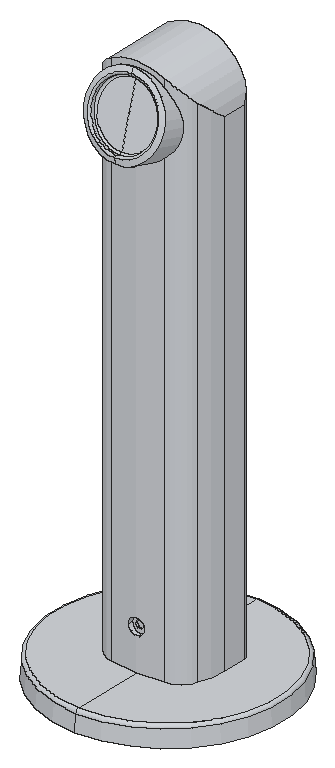
Revit family "Faucet-Wall_Mount-Bath_Spout-KOHLER-July-K-99060IN_1", category Plumbing Fixtures, host Face, Revit 2017
Family settings
  Host = Face
  Round Connector Dimension = Use Diameter
  Part Type = Normal
  OmniClass Number = 23.31.11.00
  OmniClass Title = Faucets
  Cut with Voids When Loaded = No
  Shared = No
  Room Calculation Point = No
Parameters (values of type "CP-Polished Chrome")
  Width = 2 97/128"  # constant formula
  WaterSense Certified = 1 = 0  # no
  Waste Water Outlet = "Waste Water Outlet"  # constant formula
  Waste Connection = 1 = 0  # no
  Vent Connection = 1 = 0  # no
  URL = "https://www.kohler.co.in/"
  Type = 1
  Tempered Water Inlet = "Tempered Water Inlet"  # constant formula
  Spout Reach = 6 67/256"  # constant formula
  Product Page URL = "https://www.kohler.co.in/product-detail/99060in?skuid=K-99060IN-CP"
  Product Name = "July\r\n"  # constant formula
  Product Documentation Link = "http://resources.kohler.com/plumbing/kohlerindia/pdf/99060.pdf"
  Pressure = 0.00 psi
  Model = "K-99060IN-CP"  # constant formula
  Material = "Solid Brass Construction"  # constant formula
  Master Format 2014 Name = "Residential Faucets, Supplies, and Trim"  # constant formula
  Master Format 2014 = "22 41 39"  # constant formula
  Manufacturer Address = "Ambience Office Tower NH-8 Gurgaon / Gurugram Haryana , 122001\r\n"  # constant formula
  Manufacturer = "KOHLER Co."  # constant formula
  Length = Spout Reach  # 6 67/256"
  Hot Water Inlet = "Hot Water Inlet"  # constant formula
  Height = 2 97/128"  # constant formula
  HW Connection = 1 = 1  # yes
  Flow Rate = 0 GPM
  Finish = Kohler-Metal-CP-Polished_Chrome
  Environmental Product Declaration = ""
  Drain Included = 1 = 0  # no
  Description = "Bath spout without diverter in polished chrome"  # constant formula
  Default Elevation = 36"
  Declare Label = ""
  Date Modified = "10/26/2020"  # constant formula
  Date Created = "10/26/2020"  # constant formula
  Copyright = "Copyright KOHLER Co."  # constant formula
  Contact Us = "https://www.kohler.co.in/contact-us"
  Cold Water Inlet = "Cold Water Inlet"  # constant formula
  CW Connection = 1 = 0  # no
  Assembly Code = "D2010"
  ADA Compliant = 1 = 0  # no
Reference planes (in)
  plane 1 "Center (Front/Back)": y = 0
  plane 2: z = 0
  plane 3 "Center (Left/Right)": x = 0
  plane 4: x = 1.37795
  plane 5: y = -1.37795
  plane 6: x = -1.37986
  plane 7: y = 1.37986
  plane 8: x = 0.61811
  plane 9: z = 0.23622
  plane 10: x = -0.61811
  plane 11: z = 6.77165
  plane 12: through (0, -1.37795, 6.48676) normal (0, -0.2924, -0.9563)
  plane 13: z = 6.26172
  plane 14: y = 0.44694
  plane 15: y = -0.46136
Dimensions and locks (in)
  "Width": plane 6 to plane 4
  "Height": plane 5 to plane 7
  "Spout Reach": host face to plane 13
  "Spout Reach": level to plane 13
  level to plane 11 = 6.77165"
  aligned and locked: plane 2 to host face
  aligned and locked: level to host face
Automatic sketch dimensions
  host sketch curve to host sketch curve = 96"  (x2)
Nested families (in)
  nested 1: "K-99060IN" at (0, 0, 0), type "K-99060IN"
Connectors (in)
  piping at (0, 0, 0), diameter 0.5, driven by "HW Connection", driven by "Tempered Water Inlet", driven by "Flow Rate"
    settings: on nested 1, index 1, connector inside diameter 24", connector length 0", flow factor 0, pipe flow 0 GPM, pressure drop 0.00 psi, fitting loss kfactor 0, connector angle 0.00°, fixture units 0, engagement length 0", angle of deflection 0.00°, flow configuration 0, flow direction 1, fitting loss method 0, system type 19, joint type 0, gender type 0, connector reference index -1, connector utility 1, adjustable connector no, is connector primary yes, connector description "Tempered Water Inlet"
Definition of nested family "K-99060IN"
  Parameters (values of type "K-99060IN")
    material = none
  Reference planes (in)
    plane 1 "Center (Front/Back)": y = 0
    plane 2: z = 0
    plane 3 "Center (Left/Right)": x = 0
    plane 4: y = 1.37795
    plane 5: x = 1.37795
    plane 6: y = -1.37795
    plane 7: x = -1.37795
    plane 8: z = 6.77165
    plane 9: z = 6.25984
    plane 10: z = 0.23622
    plane 11: through (0, -0.63575, 6.25984) normal (0, 0.2924, 0.9563)
    plane 12: y = 0.44694
    plane 13: y = -0.46136
    plane 14: x = 0.61811
    plane 15: x = -0.61811
  Forms (in)
    Revolve 1, solid, material <- "material", detail levels medium+fine
      sketch origin (0, 0, 0) x (0, 1, 0) y (0, 0, 1)
        loop
          line (0, 0) -> (0, 0.23622) -> (-1.32332, 0.23622)
          arc (-1.32332, 0.23622) -> (-1.35119, 0.22524) -> (-1.36409, 0.19819) r 0.04088
          line (-1.36409, 0.19819) -> (-1.37795, 0) -> (0, 0)
        axis (0, 0.23622) -> (0, 0)
      angle from 0 to 360
    Extrusion 2, solid, material <- "material", detail levels medium+fine
      sketch origin (0, 0, 0) x (1, 0, 0) y (0, 1, 0)
        loop
          arc (-0.61811, 0.06911) -> (-0.60305, -0.09253) -> (-0.5584, -0.2486) r 0.8751
          arc (-0.5584, -0.2486) -> (-0.4651, -0.37527) -> (-0.32078, -0.43789) r 0.30224
          arc (-0.32078, -0.43789) -> (-0.00031, -0.46137) -> (0.32017, -0.43798) r 2.20343
          arc (0.32017, -0.43798) -> (0.46509, -0.3751) -> (0.55869, -0.24785) r 0.30315
          arc (0.55869, -0.24785) -> (0.60313, -0.09213) -> (0.61811, 0.06911) r 0.8751
          line (0.61811, 0.06911) -> (0.61811, 0.36726)
          arc (0.61811, 0.36726) -> (0.60542, 0.40394) -> (0.57277, 0.42494) r 0.05936
          arc (0.57277, 0.42494) -> (0.005, 0.44561) -> (-0.56282, 0.42648) r 8.11198
          arc (-0.56282, 0.42648) -> (-0.60214, 0.40777) -> (-0.61811, 0.36726) r 0.05936
          line (-0.61811, 0.36726) -> (-0.61811, 0.06911)
      from 0.18375 to 6.86236
    Extrusion 3, void, detail levels medium+fine
      sketch origin (0, 0, -0.0123) x (1, 0, 0) y (0, 0, 1)
        loop
          arc (0.61811, 6.16142) -> (0.64728, 6.04366) -> (0.72805, 5.95313) r 0.25229
          line (0.72805, 5.95313) -> (0.72805, 7.23265) -> (-0.76218, 7.23265) -> (-0.76218, 5.92167)
          arc (-0.76218, 5.92167) -> (-0.6569, 6.02157) -> (-0.61811, 6.16142) r 0.27151
          arc (-0.61811, 6.16142) -> (0, 6.77953) -> (0.61811, 6.16142) r 0.61811
      from -0.9495 to 0.8794
    Revolve 4, solid, material <- "material", detail levels medium+fine
      sketch origin (0, 0, 0) x (0, 1, 0) y (0, 0, 1)
        loop
          line (-0.58455, 6.24419) -> (-0.24295, 6.13975) -> (-0.10336, 6.59635) -> (-0.17613, 6.6186) -> (-0.50196, 6.71822) -> (-0.53932, 6.66487)
          arc (-0.53932, 6.66487) -> (-0.54172, 6.64776) -> (-0.5293, 6.63576) r 0.01903
          line (-0.5293, 6.63576) -> (-0.49232, 6.62445)
          arc (-0.49232, 6.62445) -> (-0.47875, 6.61326) -> (-0.47706, 6.59575) r 0.02298
          line (-0.47706, 6.59575) -> (-0.58455, 6.24419)
        axis (-0.24295, 6.13975) -> (-0.66081, 6.2675)
      angle from 0 to 360
    Extrusion 5, void, detail levels medium+fine
      sketch origin (0, 0, 0) x (1, 0, 0) y (0, 0, 1)
        loop
          circle (0, 0.72685) r 0.09736
      from 0.40786 to 0.56293
    Extrusion 6, void, detail levels medium+fine
      sketch origin (0, 0, 0) x (1, 0, 0) y (0, 0, 1)
        loop
          line (0.02841, 0.77756) -> (-0.02841, 0.77756) -> (-0.05683, 0.72835) -> (-0.02841, 0.67913) -> (0.02841, 0.67913) -> (0.05683, 0.72835) -> (0.02841, 0.77756)
      from 0.38824 to 0.62269
    Extrusion 7, solid, material <- "material", detail levels medium+fine
      sketch origin (0, 0, 0) x (1, 0, 0) y (0, 1, 0)
        loop
          circle (0, 0) r 0.13681
      from 0 to 0.02867
    Extrusion 8, solid, material <- "material", detail levels coarse
      sketch origin (0, 0, 0) x (1, 0, 0) y (0, 1, 0)
        loop
          circle (0, 0) r 1.37795
      from 0 to 0.23622
    Extrusion 9, solid, material <- "material", detail levels coarse
      sketch origin (0, 0, 0) x (1, 0, 0) y (0, 1, 0)
        loop
          line (-0.61811, 0.44694) -> (-0.61811, -0.46136) -> (0.61811, -0.46136) -> (0.61811, 0.44694) -> (-0.61811, 0.44694)
      from 0 to 6.76498
    Extrusion 10, solid, material <- "material", detail levels coarse
      sketch origin (0, 0, -0.07382) x (1, 0, 0) y (0, 0, 1)
        loop
          circle (0, 6.31054) r 0.48514
      from -0.06065 to 0.83381
  Cuts and joins
    Extrusion 3, Extrusion 5, Extrusion 6 cuts Extrusion 2
    joined: Revolve 1, Extrusion 2, Revolve 4
    joined: Extrusion 8, Extrusion 9, Extrusion 10
  Lines and regions (in)
    Masking region 1
      outline origin (0, 0, 0) x (0, 1, 0) y (0, 0, 1)
        loop
          line (0, 0) -> (1.37795, 0) -> (1.364, 0.1996)
          arc (1.364, 0.1996) -> (1.35157, 0.22564) -> (1.32472, 0.23622) r 0.03937
          line (1.32472, 0.23622) -> (0.44694, 0.23622) -> (0.44694, 6.69359)
          arc (0.44694, 6.69359) -> (0.42408, 6.74879) -> (0.36888, 6.77165) r 0.07806
          line (0.36888, 6.77165) -> (-0.46139, 6.77165) -> (-0.46139, 6.70592) -> (-0.5267, 6.6316) -> (-0.75542, 5.88351) -> (-0.75542, 5.79715) -> (-0.46137, 5.70725) -> (-0.46137, 0.23622) -> (-1.32472, 0.23622)
          arc (-1.32472, 0.23622) -> (-1.35157, 0.22564) -> (-1.364, 0.1996) r 0.03937
          line (-1.364, 0.1996) -> (-1.37795, 0) -> (0, 0)
    Masking region 2
      outline origin (0, 0, 0) x (1, 0, 0) y (0, 0, 1)
        loop
          line (0, 0) -> (1.37795, 0) -> (1.364, 0.1996)
          arc (1.364, 0.1996) -> (1.35157, 0.22564) -> (1.32472, 0.23622) r 0.03937
          line (1.32472, 0.23622) -> (0.61811, 0.23622) -> (0.61811, 6.14911)
          arc (0.61811, 6.14911) -> (0.00019, 6.76705) -> (-0.61776, 6.14916) r 0.61794
          line (-0.61776, 6.14916) -> (-0.61811, 0.23622) -> (-1.32472, 0.23622)
          arc (-1.32472, 0.23622) -> (-1.35157, 0.22564) -> (-1.364, 0.1996) r 0.03937
          line (-1.364, 0.1996) -> (-1.37795, 0) -> (0, 0)
    Masking region 3
      outline origin (0, 0, 0) x (1, 0, 0) y (0, 1, 0)
        loop
          circle (0, 0) r 1.37795
    symbolic lines, detail levels medium+fine
      curve 1: line (0, -0.46136, 0.23622) -> (0, 0.44694, 0.23622)
      curve 2: line (0, -0.75542, 5.79715) -> (0, -0.65388, 6.12925)
      curve 3: line (0, -0.43789, 5.82954) -> (0, -0.43789, 6.56914)
      curve 4: spline (0, -0.46137, 5.70725) -> (0, -0.46121, 5.70814) -> (0, -0.46072, 5.71079) -> (0, -0.45988, 5.71522) -> (0, -0.4587, 5.72139) -> (0, -0.45719, 5.72929) -> (0, -0.45535, 5.73888) -> (0, -0.45319, 5.75013) -> (0, -0.45071, 5.76299) -> (0, -0.44794, 5.77743) -> (0, -0.44486, 5.79337) -> (0, -0.44151, 5.81076) -> (0, -0.43789, 5.82954)
      curve 5: spline (0, -0.43789, 6.56914) -> (0, -0.44094, 6.58973) -> (0, -0.44383, 6.60887) -> (0, -0.44654, 6.62648) -> (0, -0.44906, 6.64248) -> (0, -0.45138, 6.6568) -> (0, -0.4535, 6.66939) -> (0, -0.4554, 6.68019) -> (0, -0.45707, 6.68914) -> (0, -0.45851, 6.69622) -> (0, -0.45972, 6.70139) -> (0, -0.46067, 6.70463) -> (0, -0.46138, 6.70592)
      curve 6: line (-0.61811, 0, 0.23622) -> (0.61811, 0, 0.23622)
      curve 7: arc (0.57277, 0.42494, 0) -> (0.005, 0.44561, 0) -> (-0.56282, 0.42648, 0) r 8.11198
      curve 8: arc (-0.56282, 0.42648, 0) -> (-0.60214, 0.40777, 0) -> (-0.61811, 0.36726, 0) r 0.05936
      curve 9: line (-0.61811, 0.36726, 0) -> (-0.61811, 0.06911, 0)
      curve 10: arc (-0.61811, 0.06911, 0) -> (-0.60305, -0.09253, 0) -> (-0.5584, -0.2486, 0) r 0.8751
      curve 11: arc (-0.5584, -0.2486, 0) -> (-0.4651, -0.37527, 0) -> (-0.32078, -0.43789, 0) r 0.30224
      curve 12: spline (-0.14784, -0.74856, 0) -> (-0.24971, -0.7348, 0) -> (-0.3378, -0.71448, 0) -> (-0.40722, -0.6887, 0) -> (-0.45416, -0.6589, 0) -> (-0.476, -0.62672, 0) -> (-0.47156, -0.59394, 0) -> (-0.44107, -0.56236, 0) -> (-0.38621, -0.53374, 0) -> (-0.31003, -0.50966, 0) -> (-0.21672, -0.49143, 0) -> (-0.11144, -0.48008, 0) -> (0, -0.47622, 0)
      curve 13: line (-0.47746, -0.61582, 0) -> (-0.47746, -0.36487, 0)
      curve 14: arc (-0.32078, -0.43789, 0) -> (0, -0.46137, 0) -> (0.32078, -0.43789, 0) r 2.20343
      curve 15: spline (0, -0.75684, 0) -> (-0.10346, -0.75286, 0) -> (-0.19988, -0.74118, 0) -> (-0.28267, -0.72261, 0) -> (-0.34619, -0.6984, 0) -> (-0.38613, -0.67022, 0) -> (-0.39975, -0.63997, 0) -> (-0.38613, -0.60972, 0) -> (-0.34619, -0.58153, 0) -> (-0.28267, -0.55732, 0) -> (-0.19988, -0.53875, 0) -> (-0.10346, -0.52707, 0) -> (0, -0.52309, 0)
      curve 16: spline (0, -0.52309, 0) -> (0.1156, -0.52808, 0) -> (0.22132, -0.54264, 0) -> (0.30813, -0.56551, 0) -> (0.36861, -0.59474, 0) -> (0.39759, -0.62784, 0) -> (0.3926, -0.66197, 0) -> (0.35406, -0.69423, 0) -> (0.28527, -0.72184, 0) -> (0.1921, -0.74246, 0) -> (0.08252, -0.75433, 0) -> (-0.03412, -0.75642, 0) -> (-0.14784, -0.74856, 0)
      curve 17: arc (0.57277, 0.42494, 0) -> (0.60542, 0.40394, 0) -> (0.61811, 0.36726, 0) r 0.05936
      curve 18: line (0.61811, 0.36726, 0) -> (0.61811, 0.06911, 0)
      curve 19: arc (0.61811, 0.06911, 0) -> (0.60305, -0.09253, 0) -> (0.5584, -0.2486, 0) r 0.8751
      curve 20: arc (0.5584, -0.2486, 0) -> (0.4651, -0.37527, 0) -> (0.32078, -0.43789, 0) r 0.30224
      curve 21: spline (0.14784, -0.74856, 0) -> (0.24971, -0.7348, 0) -> (0.3378, -0.71448, 0) -> (0.40722, -0.6887, 0) -> (0.45416, -0.6589, 0) -> (0.476, -0.62672, 0) -> (0.47156, -0.59394, 0) -> (0.44107, -0.56236, 0) -> (0.38621, -0.53374, 0) -> (0.31003, -0.50966, 0) -> (0.21672, -0.49143, 0) -> (0.11144, -0.48008, 0) -> (0, -0.47622, 0)
      curve 22: line (0.47746, -0.61582, 0) -> (0.47746, -0.36487, 0)
      curve 23: line (0, -0.57776, 6.37825) -> (0, -0.46136, 6.34267)
      curve 24: line (0, -0.65388, 6.12925) -> (0, -0.53749, 6.09366)
      curve 25: line (0, -0.46136, 6.34267) -> (0, -0.53749, 6.09366)
      curve 26: arc (0, -0.57776, 6.37825) -> (0, -0.61362, 6.32433) -> (0, -0.63887, 6.2647) r 0.34801
      curve 27: line (0, -0.57776, 6.37825) -> (0, -0.48621, 6.67767)
      curve 28: arc (0, -0.64106, 6.25756) -> (0, -0.65347, 6.194) -> (0, -0.65388, 6.12925) r 0.34801
  Dimensions and locks (in)
    aligned and locked: plane 2 to level
